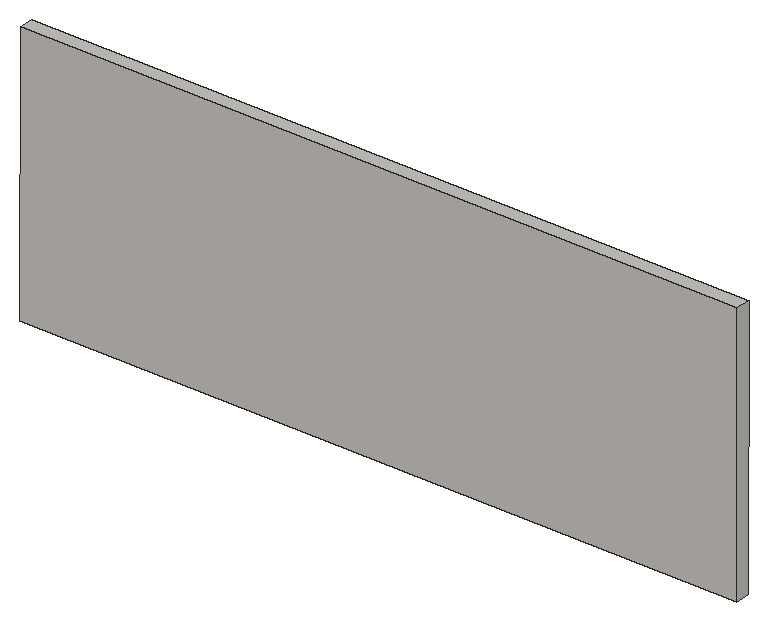
Revit family "Formwork-Plywood-Framing-1 Face-Line Based", category Site, Revit 2017
Family settings
  Round Connector Dimension = Use Diameter
  Part Type = Normal
  Cut with Voids When Loaded = No
  Shared = No
Parameters
  Height [instance] = 360 mm
  Thickness = 20 mm
  built-in parameter 1001306 [instance] = 980 mm
Reference planes
  plane 1 "Center (Front/Back)": y = 0
  plane 2: z = 0
  plane 3 "Left": x = 0
  plane 4 "Right": x = 980
  plane 5: y = -10
  plane 6 "bottom": z = -360
Forms (mm)
  Extrusion 1, solid
    sketch origin (0, 0, 0) x (0, 1, 0) y (0, 0, 1)
      loop
        line (0, -360) -> (0, 0) -> (-20, 0) -> (-20, -360) -> (0, -360)
    from 0 to 980 <- "built-in parameter 1001306"
Lines and regions (mm)
  reference lines
    curve 1: line (0, 0, 0) -> (980, 0, 0)
Dimensions and locks
  "built-in parameter 1001306": plane 3 "Left" to plane 4 "Right"
  locked: plane 1 "Center (Front/Back)" to plane 5 at 10
  "Height": plane 6 "bottom" to level
  plane 1 "Center (Front/Back)" to Extrusion 1 = 20 mm
  "Thickness": plane 1 "Center (Front/Back)" to Extrusion 1 sketch curve
  aligned and locked: plane 4 "Right" to curve 1
  aligned and locked: plane 1 "Center (Front/Back)" to curve 1
  aligned and locked: plane 3 "Left" to curve 1
  aligned and locked: level to plane 2
  aligned and locked: plane 4 "Right" to Extrusion 1
  aligned and locked: Extrusion 1 to plane 3 "Left"
  aligned and locked: plane 1 "Center (Front/Back)" to Extrusion 1 sketch curve
Automatic sketch dimensions
  plane 6 "bottom" to Extrusion 1 sketch curve = 0 mm
  Extrusion 1 sketch curve to level = 0 mm
